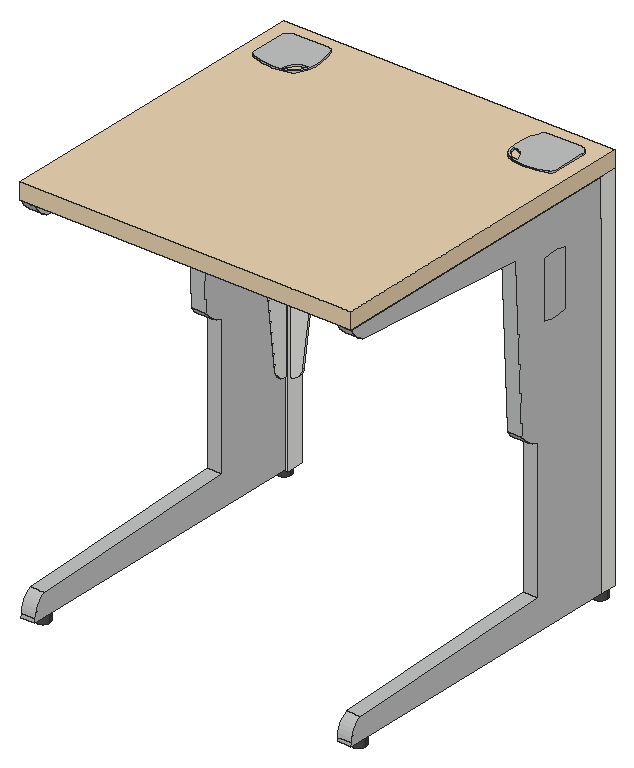
Revit family "Modular_Desks-Teknion-RDRR_Rectangular_Desk_Full_Gables-R2019", category Furniture, Revit 2019
Family settings
  OmniClass Number = 23.40.20.00
  OmniClass Title = General Furniture and Specialties
  Work Plane-Based = No
  Always vertical = Yes
  Cut with Voids When Loaded = No
  Shared = Yes
  Room Calculation Point = No
Parameters (values of type "Metal C-Leg, 24" Depth")
  Worksurface Finish [instance] = Foundation Laminate - Teknion - HX - Costal Elm (Cross Grain)
  Width [instance] = 24.000"
  Warranty = "http://www.teknion.com/ca/papers/legal-canada"
  Unit Weight URL = "http://www.teknion.com/ca/tools/assets#&asset=bee6a381-b954-425e-8283-5a2de3a804f2,f828d448-4b62-4231-9e5f-9a8991c0ed77"
  URL = "www.teknion.com"
  To render please download texture images found here [instance] = "https://assets.teknion.com/web/5e81352c1dfdb467/revit-material-swatches/"
  Sustainability Data = "https://www.teknion.com/ca/tools/assets#&topic=216f99a5-57a0-44fc-b10a-9dee9b29ae4c&asset=444deb64-fe58-4b68-981e-f75e97781df7,b4ff2d81-9f2e-437d-9659-7cffb09c31cf"
  Series = "Expansion Desking"  # constant formula
  Product Page URL = "https://www.teknion.com/ca/products/product-details?productLineId=2b4e336e-8e7a-673b-a6c8-ff00004460c4"
  Product Line = "Expansion Desking"  # constant formula
  Product Documentation Link = "https://www.teknion.com/pricing/expansion-desking/pdfs/RDRR_ppg.pdf"
  Part Number = "RDRR"  # constant formula
  Model = "RDRRC24__"
  Metal/Laminate Gable 2D = no
  Metal Gable = no
  Metal C Leg Cut Depth = 96.000"
  Metal C Leg = yes
  Manufacturer Phone = "416-661-3370"  # constant formula
  Manufacturer Fax = "416.661.4586"  # constant formula
  Manufacturer Contact Information = "http://www.teknion.com/ca/contactus"
  Manufacturer Address = "1150 Flint Road, Toronto, ON. M3J 2J5. Canada"  # constant formula
  Manufacturer = "Teknion"  # constant formula
  Laminate = no
  How To Use Teknion Materials User Guide [instance] = "https://assets.teknion.com/m/205dd0a49fa58060/original/How-to-add-a-Material-Library-and-Texture-Images-to-your-Revit-project.pdf"
  Gable and Grommet Finish = Paint - Teknion - Mica - Platinum
  Gabel and Grommet Finish Note = if(or(Metal C Leg, Metal Gable), "Please choose a Foundation or MIca Paint Finish", "Please choose a Source Laminate Finish.")  # "Please choose a Foundation or MIca Paint Finish"
  For Additional Finishes please visit [instance] = "https://assets.teknion.com/m/44a8009b046e5d47/original/Teknion_Materials_Library.zip"
  Description = "Rectangular Desk – Full Gables, Metal C-Leg Style, 24\" Depth"
  Depth = 24.000"
  Back Leg Offset = 1.459"
  Available Widths [instance] = "24, 30, 36, 42, 48, 54, 60, 66, 72, 78, or 84 inches."  # constant formula
  Assembly Code = "E2020200"
Types (11): name | Model | Metal/Laminate Gable 2D | Metal Gable | Metal C Leg Cut Depth | Metal C Leg | Laminate | Gable and Grommet Finish | Gabel and Grommet Finish Note | Description | Depth | Back Leg Offset
  (no name) | "RDRRC24__" | no | no | 96.000" | yes | no | Paint - Teknion - Mica - Platinum | "Please choose a Foundation or MIca Paint Finish" | "Rectangular Desk – Full Gables, Metal C-Leg Style, 24\" Depth" | 24.000" | 1.459"
  Metal Gable Style, 24" Depth | "RDRRM24__" | yes | yes | 0.500" | no | no | Paint - Teknion - Mica - Platinum | "Please choose a Foundation or MIca Paint Finish" | "Rectangular Desk – Full Gables, Metal Gable Style, 24\" Depth" | 24.000" | 1.45863"
  Metal Gable Style, 20" Depth | "RDRRM20__" | yes | yes | 0.500" | no | no | Paint - Teknion - Mica - Platinum | "Please choose a Foundation or MIca Paint Finish" | "Rectangular Desk – Full Gables, Metal Gable Style, 20\" Depth" | 20.000" | 1.45863"
  Metal Gable Style, 30" Depth | "RDRRM30__" | yes | yes | 0.500" | no | no | Paint - Teknion - Mica - Platinum | "Please choose a Foundation or MIca Paint Finish" | "Rectangular Desk – Full Gables, Metal Gable Style, 30\" Depth" | 30.000" | 1.45863"
  Metal Gable Style, 36" Depth | "RDRRM36__" | yes | yes | 0.500" | no | no | Paint - Teknion - Mica - Platinum | "Please choose a Foundation or MIca Paint Finish" | "Rectangular Desk – Full Gables, Metal Gable Style, 36\" Depth" | 36.000" | 1.45863"
  Metal C-Leg, 24" Depth | "RDRRC24__" | no | no | 96.000" | yes | no | Paint - Teknion - Mica - Platinum | "Please choose a Foundation or MIca Paint Finish" | "Rectangular Desk – Full Gables, Metal C-Leg Style, 24\" Depth" | 24.000" | 1.459"
  Metal C-Leg, 30" Depth | "RDRRC30__" | no | no | 96.000" | yes | no | Paint - Teknion - Mica - Platinum | "Please choose a Foundation or MIca Paint Finish" | "Rectangular Desk – Full Gables, Metal C-Leg Style, 30\" Depth" | 30.000" | 7.553"
  Laminate Gable Style, 20" Depth | "RDRRL20__" | yes | no | 0.500" | no | yes | Laminate - Teknion - 2L - Coastal Elm | "Please choose a Source Laminate Finish." | "Rectangular Desk – Full Gables, Laminate Gable Style, 20\" Depth" | 20.000" | 1.45863"
  Laminate Gable Style, 24" Depth | "RDRRL24__" | yes | no | 0.500" | no | yes | Laminate - Teknion - 2L - Coastal Elm | "Please choose a Source Laminate Finish." | "Rectangular Desk – Full Gables, Laminate Gable Style, 24\" Depth" | 24.000" | 1.45863"
  Laminate Gable Style, 30" Depth | "RDRRL30__" | yes | no | 0.500" | no | yes | Laminate - Teknion - 2L - Coastal Elm | "Please choose a Source Laminate Finish." | "Rectangular Desk – Full Gables, Laminate Gable Style, 30\" Depth" | 30.000" | 1.45863"
  Laminate Gable Style, 36" Depth | "RDRRL36__" | yes | no | 0.500" | no | yes | Laminate - Teknion - 2L - Coastal Elm | "Please choose a Source Laminate Finish." | "Rectangular Desk – Full Gables, Laminate Gable Style, 36\" Depth" | 36.000" | 1.45863"
Reference planes (in)
  plane 1 "Center Front/Back": y = -0.5097
  plane 2: z = 0
  plane 3 "Center Left/Right": x = 0.21327
  plane 4 "Left": x = -11.78673
  plane 5 "Right": x = 12.21327
  plane 6 "Back": y = 11.4903
  plane 7 "Front": y = -12.5097
  plane 8 "Top": z = 29
  plane 9: x = -10.77098
  plane 10: y = 10.33676
  plane 11: x = 11.19752
  plane 12: x = -14.08774
Forms (in)
  Sweep 1, solid, material "Paint - Teknion - Mica - Platinum" <- "Gable and Grommet Finish"
    path origin (0, 0, 0) x (1, 0, 0) y (0, 1, 0)
      loop
        line (-11.78673, -0.5097) -> (-10.77098, -0.5097)
    profile origin (-11.27885, -0.5097, 0) x (0, 1, 0) y (0, 0, 1)
      loop
        line (-12, 0.60236) -> (10.75, 0.60236) -> (10.75, 27.69291) -> (-12, 27.69291) -> (-12, 0.60236)
  Sweep 2, solid, material "Paint - Teknion - Mica - Platinum" <- "Gable and Grommet Finish"
    path origin (22.98425, 0, 0) x (1, 0, 0) y (0, 1, 0)
      loop
        line (-11.78673, -0.5097) -> (-10.77098, -0.5097)
    profile origin (11.7054, -0.5097, 0) x (0, 1, 0) y (0, 0, 1)
      loop
        line (-12, 0.60236) -> (10.75, 0.60236) -> (10.75, 27.69291) -> (-12, 27.69291) -> (-12, 0.60236)
  Sweep 3, solid, material "Paint-Teknion-20-T-Foundation-Atrium White"
    path origin (0.21327, 0, 0) x (0, 1, 0) y (0, 0, 1)
      loop
        line (11.1153, 0.60236) -> (11.1153, 27.81102)
    profile origin (0.21327, 11.1153, 14.20669) x (0, -1, 0) y (1, 0, 0)
      loop
        line (0.875, -10.75) -> (-0.375, -10.75) -> (-0.375, -12) -> (0.875, -12) -> (0.875, -10.75)
  Sweep 4, solid, material "Paint-Teknion-20-T-Foundation-Atrium White"
    path origin (22.96327, 0, 0) x (0, 1, 0) y (0, 0, 1)
      loop
        line (11.1153, 0.60236) -> (11.1153, 27.81102)
    profile origin (22.96327, 11.1153, 14.20669) x (0, -1, 0) y (1, 0, 0)
      loop
        line (0.875, -10.75) -> (-0.375, -10.75) -> (-0.375, -12) -> (0.875, -12) -> (0.875, -10.75)
  Sweep 5, solid, material "Paint-Teknion-20-T-Foundation-Atrium White"
    path origin (0, 0, 0) x (1, 0, 0) y (0, 1, 0)
      loop
        line (-10.77098, 7.72172) -> (-10.69224, 7.72172)
    profile origin (-10.73161, 7.72172, 0) x (0, 1, 0) y (0, 0, 1)
      loop
        line (-0.53402, 24.62205) -> (1.5258, 7.57297)
        arc (1.5258, 7.57297) -> (1.85523, 6.9446) -> (2.51858, 6.69291) r 1
        line (2.51858, 6.69291) -> (2.51858, 27.81102) -> (-2.16788, 27.81102) -> (-2.16788, 26.93602) -> (-0.53402, 24.62205)
  Sweep 6, solid, material "Paint-Teknion-20-T-Foundation-Atrium White"
    path origin (0, 0, 0) x (1, 0, 0) y (0, 1, 0)
      loop
        line (-8.02098, 10.39581) -> (-8.02098, 10.47455)
    profile origin (-8.02098, 10.43518, 0) x (-1, 0, 0) y (0, 0, 1)
      loop
        line (2.51575, 27.81102) -> (-2.17071, 27.81102) -> (-2.17071, 26.93602) -> (-0.53685, 24.62205) -> (1.52297, 7.57297)
        arc (1.52297, 7.57297) -> (1.8524, 6.9446) -> (2.51575, 6.69291) r 1
        line (2.51575, 6.69291) -> (2.51575, 27.81102)
      loop
        line (-18.98425, 27.81102) -> (-18.98425, 6.69291)
        arc (-18.98425, 6.69291) -> (-18.32091, 6.9446) -> (-17.99147, 7.57297) r 1
        line (-17.99147, 7.57297) -> (-15.93166, 24.62205) -> (-14.2978, 26.93602) -> (-14.2978, 27.81102) -> (-18.98425, 27.81102)
  Sweep 7, solid, material "Paint-Teknion-20-T-Foundation-Atrium White"
    path origin (21.88976, 0, 0) x (1, 0, 0) y (0, 1, 0)
      loop
        line (-10.77098, 7.72172) -> (-10.69224, 7.72172)
    profile origin (11.15815, 7.72172, 0) x (0, 1, 0) y (0, 0, 1)
      loop
        line (-0.53402, 24.62205) -> (1.5258, 7.57297)
        arc (1.5258, 7.57297) -> (1.85523, 6.9446) -> (2.51858, 6.69291) r 1
        line (2.51858, 6.69291) -> (2.51858, 27.81102) -> (-2.16788, 27.81102) -> (-2.16788, 26.93602) -> (-0.53402, 24.62205)
  Sweep 8, solid, material "Paint-Teknion-20-T-Foundation-Atrium White"
    path origin (0, -0.5097, 0) x (1, 0, 0) y (0, 0, 1)
      loop
        line (0.21327, 24.81102) -> (0.21327, 27.81102)
    profile origin (0.21327, -0.5097, 26.31102) x (-1, 0, 0) y (0, -1, 0)
      loop
        line (10.75, -10.90551) -> (10.75, -10.84646) -> (-10.75, -10.84646) -> (-10.75, -10.90551) -> (10.75, -10.90551)
  Sweep 9, solid, material "Foundation Laminate - Teknion - HX - Costal Elm (Cross Grain)" <- "Worksurface Finish"
    path origin (0, -0.5097, 0) x (1, 0, 0) y (0, 0, 1)
      loop
        line (0.21327, 29) -> (0.21327, 27.81102)
    profile origin (0.21327, -0.5097, 28.40551) x (0, -1, 0) y (1, 0, 0)
      loop
        line (12, -12) -> (12, 12) -> (-12, 12) -> (-12, -12) -> (12, -12)
  Sweep 10, solid, material "Paint - Teknion - Mica - Platinum" <- "Gable and Grommet Finish"
    path origin (0, -0.5097, 0) x (1, 0, 0) y (0, 0, 1)
      loop
        line (-8.88501, 29.07874) -> (-8.88501, 29)
    profile origin (-8.88501, -0.5097, 29.03937) x (0, -1, 0) y (1, 0, 0)
      loop
        line (-10.33858, -1.90172) -> (-8.02362, -1.90172)
        arc (-8.02362, -1.90172) -> (-7.78315, -1.83276) -> (-7.61576, -1.64686) r 0.45379
        arc (-7.61576, -1.64686) -> (-7.3142, -0.45341) -> (-7.38038, 0.77577) r 4.1011
        arc (-7.38038, 0.77577) -> (-7.71425, 1.3932) -> (-8.33273, 1.72512) r 1.22214
        arc (-8.33273, 1.72512) -> (-9.55102, 1.80085) -> (-10.73109, 1.48874) r 3.82328
        arc (-10.73109, 1.48874) -> (-10.92687, 1.32153) -> (-11, 1.07466) r 0.45327
        line (-11, 1.07466) -> (-11, -1.2403)
        arc (-11, -1.2403) -> (-10.80628, -1.70799) -> (-10.33858, -1.90172) r 0.66142
      loop
        arc (-8.5137, 1.5868) -> (-8.22016, 0.87814) -> (-7.5115, 0.5846) r 1.00219
        arc (-7.5115, 0.5846) -> (-7.80504, 1.29326) -> (-8.5137, 1.5868) r 1.00219
      loop
        arc (-10.33858, 20.09828) -> (-10.80628, 19.90456) -> (-11, 19.43687) r 0.66142
        line (-11, 19.43687) -> (-11, 17.12191)
        arc (-11, 17.12191) -> (-10.92687, 16.87504) -> (-10.73109, 16.70783) r 0.45327
        arc (-10.73109, 16.70783) -> (-9.55102, 16.39572) -> (-8.33273, 16.47145) r 3.82328
        arc (-8.33273, 16.47145) -> (-7.71425, 16.80337) -> (-7.38038, 17.4208) r 1.22214
        arc (-7.38038, 17.4208) -> (-7.3142, 18.64997) -> (-7.61576, 19.84342) r 4.1011
        arc (-7.61576, 19.84342) -> (-7.78315, 20.02933) -> (-8.02362, 20.09828) r 0.45379
        line (-8.02362, 20.09828) -> (-10.33858, 20.09828)
      loop
        arc (-8.5137, 16.60977) -> (-7.80504, 16.90331) -> (-7.5115, 17.61196) r 1.00219
        arc (-7.5115, 17.61196) -> (-8.22016, 17.31843) -> (-8.5137, 16.60977) r 1.00219
  Sweep 11, solid, material "Paint - Teknion - Mica - Platinum" <- "Gable and Grommet Finish"
    path origin (0, 0, 0) x (1, 0, 0) y (0, 1, 0)
      loop
        line (12.21327, 5.98896) -> (12.27233, 5.98896)
    profile origin (12.2428, 5.98896, 0) x (0, 1, 0) y (0, 0, 1)
      loop
        line (-0.89039, 24.69685) -> (-0.89039, 20.68898)
        arc (-0.89039, 20.68898) -> (0.00134, 20.55131) -> (0.89307, 20.68898) r 2.95691
        line (0.89307, 20.68898) -> (0.89307, 24.69685)
        arc (0.89307, 24.69685) -> (0.00134, 24.83452) -> (-0.89039, 24.69685) r 2.95691
  Sweep 12, solid, material "Paint - Teknion - Mica - Platinum" <- "Gable and Grommet Finish"
    path origin (0.42654, 0, 0) x (-1, 0, 0) y (0, 1, 0)
      loop
        line (12.21327, 5.98896) -> (12.27233, 5.98896)
    profile origin (-11.81626, 5.98896, 0) x (0, -1, 0) y (0, 0, 1)
      loop
        arc (0.89039, 24.69685) -> (-0.00134, 24.83452) -> (-0.89307, 24.69685) r 2.95691
        line (-0.89307, 24.69685) -> (-0.89307, 20.68898)
        arc (-0.89307, 20.68898) -> (-0.00134, 20.55131) -> (0.89039, 20.68898) r 2.95691
        line (0.89039, 20.68898) -> (0.89039, 24.69685)
  Sweep 13, solid, material "Plastic - Teknion - E - Ebony"
    path origin (0, -0.5097, 0) x (1, 0, 0) y (0, 0, 1)
      loop
        line (0.21327, 0) -> (0.21327, 0.60236)
    profile origin (0.21327, -0.5097, 0.30118) x (-1, 0, 0) y (0, -1, 0)
      loop
        circle (11.49296, 10.541) r 0.50159
      loop
        circle (11.49296, -11.3738) r 0.50159
      loop
        circle (-11.4915, 10.541) r 0.50159
      loop
        circle (-11.4915, -11.3738) r 0.50159
  Sweep 14, void
    path origin (-0.05101, 0, 0) x (1, 0, 0) y (0, 1, 0)
      loop
        line (-14.03673, -0.5097) -> (81.96327, -0.5097)
    profile origin (33.91226, -0.5097, 0) x (0, 1, 0) y (0, 0, 1)
      loop
        line (-11.03268, 2.19685) -> (5.05, 2.86614) -> (5.05, 12.96063)
        arc (5.05, 12.96063) -> (4.19566, 13.30411) -> (3.55, 13.96063) r 2.25371
        line (3.55, 13.96063) -> (3.05809, 25.69727) -> (-10.83189, 26.69291)
        arc (-10.83189, 26.69291) -> (-11.41323, 27.11157) -> (-11.83189, 27.69291) r 2.23081
        line (-11.83189, 27.69291) -> (-21.95, 27.69291) -> (-21.95, 0.60236) -> (-11.91072, 0.60236) -> (-11.90623, 0.85433)
        arc (-11.90623, 0.85433) -> (-11.66213, 1.65096) -> (-11.03268, 2.19685) r 1.51
Cuts and joins
  Sweep 14 cuts Sweep 2
  Sweep 14 cuts Sweep 1
Lines and regions (in)
  Masking region 1
    outline origin (0, 0, 0) x (1, 0, 0) y (0, 1, 0)
      loop
        line (-11.78673, 11.4903) -> (-11.78673, -12.5097) -> (12.21327, -12.5097) -> (12.21327, 11.4903) -> (-11.78673, 11.4903)
  Masking region 2
    outline origin (0, 0, 0) x (1, 0, 0) y (0, 1, 0)
      loop
        line (-11.84578, 6.88203) -> (-11.84578, 5.09857) -> (-11.78673, 5.09857) -> (-11.78673, 6.88203) -> (-11.84578, 6.88203)
      loop
        line (12.27233, 5.09857) -> (12.27233, 6.88203) -> (12.21327, 6.88203) -> (12.21327, 5.09857) -> (12.27233, 5.09857)
  symbolic lines
    curve 1: line (-10.78673, 9.82888, 0) -> (-10.78673, 7.51392, 0)
    curve 2: line (-7.81035, 10.4903, 0) -> (-10.12531, 10.4903, 0)
    curve 3: arc (-10.53187, 7.10606, 0) -> (-9.33842, 6.8045, 0) -> (-8.10924, 6.87068, 0) r 4.1011
    curve 4: arc (-8.10924, 6.87068, 0) -> (-7.49181, 7.20455, 0) -> (-7.15989, 7.82303, 0) r 1.22214
    curve 5: arc (-7.15989, 7.82303, 0) -> (-7.08417, 9.04132, 0) -> (-7.39627, 10.2214, 0) r 3.82328
    curve 6: arc (-7.39627, 10.2214, 0) -> (-7.56348, 10.41718, 0) -> (-7.81035, 10.4903, 0) r 0.45327
    curve 7: arc (-10.78673, 7.51392, 0) -> (-10.71777, 7.27345, 0) -> (-10.53187, 7.10606, 0) r 0.45379
    curve 8: arc (-10.12531, 10.4903, 0) -> (-10.593, 10.29658, 0) -> (-10.78673, 9.82888, 0) r 0.66142
    curve 9: line (10.55186, 10.4903, 0) -> (8.23689, 10.4903, 0)
    curve 10: line (11.21327, 7.51392, 0) -> (11.21327, 9.82888, 0)
    curve 11: arc (10.95841, 7.10606, 0) -> (11.14432, 7.27345, 0) -> (11.21327, 7.51392, 0) r 0.45379
    curve 12: arc (8.53579, 6.87068, 0) -> (9.76496, 6.8045, 0) -> (10.95841, 7.10606, 0) r 4.1011
    curve 13: arc (7.58644, 7.82303, 0) -> (7.91836, 7.20455, 0) -> (8.53579, 6.87068, 0) r 1.22214
    curve 14: arc (7.82282, 10.2214, 0) -> (7.51071, 9.04132, 0) -> (7.58644, 7.82303, 0) r 3.82328
    curve 15: arc (8.23689, 10.4903, 0) -> (7.99003, 10.41718, 0) -> (7.82282, 10.2214, 0) r 0.45327
    curve 16: arc (11.21327, 9.82888, 0) -> (11.01955, 10.29658, 0) -> (10.55186, 10.4903, 0) r 0.66142
    curve 17: arc (-8.30041, 7.0018, 0) -> (-8.00687, 7.71046, 0) -> (-7.29821, 8.004, 0) r 1.00219
    curve 18: arc (-7.29821, 8.004, 0) -> (-7.59175, 7.29534, 0) -> (-8.30041, 7.0018, 0) r 1.00219
    curve 19: arc (7.72476, 8.004, 0) -> (8.43342, 7.71046, 0) -> (8.72695, 7.0018, 0) r 1.00219
    curve 20: arc (8.72695, 7.0018, 0) -> (8.01829, 7.29534, 0) -> (7.72476, 8.004, 0) r 1.00219
  symbolic lines, style "FurnitureHiddenLines", detail levels fine
    curve 21: arc (-11.78128, 10.86411, 0) -> (-11.27969, 11.3657, 0) -> (-10.7781, 10.86411, 0) r 0.50159
    curve 22: arc (-10.7781, 10.86411, 0) -> (-11.27969, 10.36251, 0) -> (-11.78128, 10.86411, 0) r 0.50159
    curve 23: arc (11.20318, 10.86411, 0) -> (11.70477, 11.3657, 0) -> (12.20636, 10.86411, 0) r 0.50159
    curve 24: arc (12.20636, 10.86411, 0) -> (11.70477, 10.36251, 0) -> (11.20318, 10.86411, 0) r 0.50159
    curve 25: arc (11.20318, -11.0507, 0) -> (11.70477, -10.54911, 0) -> (12.20636, -11.0507, 0) r 0.50159
    curve 26: arc (12.20636, -11.0507, 0) -> (11.70477, -11.55229, 0) -> (11.20318, -11.0507, 0) r 0.50159
    curve 27: arc (-11.78128, -11.0507, 0) -> (-11.27969, -10.54911, 0) -> (-10.7781, -11.0507, 0) r 0.50159
    curve 28: arc (-10.7781, -11.0507, 0) -> (-11.27969, -11.55229, 0) -> (-11.78128, -11.0507, 0) r 0.50159
    curve 41: line (-10.69224, 5.55385, 0) -> (-10.69224, 10.2403, 0)
    curve 42: line (-10.77098, 5.55385, 0) -> (-10.69224, 5.55385, 0)
    curve 43: line (-10.53673, 10.47455, 0) -> (-5.85027, 10.47455, 0)
    curve 44: line (-5.85027, 10.39581, 0) -> (-5.85027, 10.47455, 0)
    curve 45: line (6.27682, 10.47455, 0) -> (10.96327, 10.47455, 0)
    curve 46: line (6.27682, 10.47455, 0) -> (6.27682, 10.39581, 0)
    curve 47: line (11.11878, 5.55385, 0) -> (11.19752, 5.55385, 0)
    curve 48: line (11.11878, 5.55385, 0) -> (11.11878, 10.2403, 0)
  symbolic lines, style "FurnitureHiddenLines", detail levels medium+fine
    curve 29: line (-10.53673, 10.2403, 0) -> (-10.53673, 11.4903, 0)
    curve 30: line (-11.78673, 10.2403, 0) -> (-10.53673, 10.2403, 0)
    curve 31: line (10.96327, 10.39581, 0) -> (-10.53673, 10.39581, 0)
    curve 32: line (10.96327, 10.2403, 0) -> (12.21327, 10.2403, 0)
    curve 33: line (10.96327, 11.4903, 0) -> (10.96327, 10.2403, 0)
    curve 49: line (-10.53673, 10.33676, 0) -> (10.96327, 10.33676, 0)
  symbolic lines, style "FurnitureHiddenLines", visible <- "Metal C Leg", detail levels medium+fine
    curve 34: line (-10.77098, -12.42042, 0) -> (-10.77098, 10.2403, 0)
    curve 35: line (11.19752, -11.32605, 0) -> (11.19752, 10.2403, 0)
    curve 36: line (11.19752, -12.42042, 0) -> (11.19752, 10.2403, 0)
    curve 37: line (-11.78673, -12.42042, 0) -> (-10.77098, -12.42042, 0)
    curve 38: line (11.19752, -12.42042, 0) -> (12.21327, -12.42042, 0)
  symbolic lines, style "FurnitureHiddenLines", visible <- "Metal/Laminate Gable 2D", detail levels medium+fine
    curve 39: line (-10.77098, -12.5097, 0) -> (-10.77098, 10.2403, 0)
    curve 40: line (11.19752, -12.5097, 0) -> (11.19752, 10.2403, 0)
  reference lines
    curve 50: line (-11.78673, 11.4903, 0) -> (-11.78673, -12.5097, 0)
    curve 51: line (12.21327, -12.5097, 0) -> (12.21327, 11.4903, 0)
Dimensions and locks (in)
  "Width": plane 4 "Left" to plane 5 "Right"
  "Depth": plane 6 "Back" to plane 7 "Front"
  plane 8 "Top" to level = 29.000"
  equal spacing: plane 7 "Front", plane 1 "Center Front/Back", plane 6 "Back"
  equal spacing: plane 4 "Left", plane 3 "Center Left/Right", plane 5 "Right"
  locked: plane 4 "Left" to plane 9 at 1.01575
  locked: plane 6 "Back" to plane 10 at 1.15354
  locked: plane 11 to plane 5 "Right" at 1.01575
  locked: Sweep 2 sketch curve to plane 10 at 0.09646
  locked: Sweep 2 sketch curve to level at 0.60236
  locked: plane 8 "Top" to Sweep 2 sketch curve at 1.30709
  locked: plane 8 "Top" to Sweep 1 sketch curve at 1.30709
  locked: Sweep 1 sketch curve to level at 0.60236
  locked: plane 10 to Sweep 1 sketch curve at 0.09646
  locked: plane 8 "Top" to Sweep 3 sketch curve at 1.18898
  locked: Sweep 3 sketch curve to level at 0.60236
  locked: plane 6 "Back" to Sweep 3 sketch curve at 0.375
  locked: plane 6 "Back" to Sweep 3 sketch curve at 1.25
  locked: plane 4 "Left" to Sweep 3 sketch curve at 1.25
  locked: Sweep 4 sketch curve to plane 5 "Right" at 1.25
  locked: plane 10 to Sweep 4 sketch curve at 0.09646
  plane 8 "Top" to Sweep 5 sketch curve to Sweep 5 sketch curve to Sweep 5 sketch curve to Sweep 5 sketch curve = 1.18898" locked, 0.875" locked, 2.31398" locked, 16.92913" locked
  plane 10 to Sweep 5 sketch curve to Sweep 5 sketch curve to Sweep 5 sketch curve = 0.09646" locked, 3.0526" locked, 1.63386" locked
  locked: plane 9 to Sweep 5 sketch curve at 0.07874
  Sweep 6 sketch curve to Sweep 6 sketch curve to plane 10 = 0.07874" locked, 0.05906" locked
  Sweep 6 sketch curve to Sweep 6 sketch curve to Sweep 6 sketch curve to Sweep 6 sketch curve to plane 9 = 1.63386" locked, 3.0526" locked, 0.000" locked, 0.23425" locked
  plane 8 "Top" to Sweep 6 sketch curve to Sweep 6 sketch curve to Sweep 6 sketch curve to Sweep 6 sketch curve = 1.18898" locked, 0.875" locked, 2.31398" locked, 16.92913" locked  (x2)
  Sweep 6 sketch curve to Sweep 6 sketch curve to Sweep 6 sketch curve to Sweep 6 sketch curve to plane 11 = 1.63386" locked, 3.0526" locked, 0.000" locked, 0.23425" locked
  plane 8 "Top" to Sweep 7 sketch curve to Sweep 7 sketch curve to Sweep 7 sketch curve to Sweep 7 sketch curve = 1.18898" locked, 0.875" locked, 2.31398" locked, 16.92913" locked
  plane 10 to Sweep 7 sketch curve to Sweep 7 sketch curve to Sweep 7 sketch curve = 0.09646" locked, 3.0526" locked, 1.63386" locked
  locked: Sweep 7 sketch curve to plane 11 at 0.07874
  locked: Sweep 8 sketch curve to plane 10 at 0.05906
  locked: plane 9 to Sweep 8 sketch curve at 0.23425
  locked: Sweep 8 sketch curve to plane 11 at 0.23425
  plane 8 "Top" to Sweep 8 sketch curve to Sweep 8 sketch curve = 1.18898" locked, 3.000" locked
  locked: plane 8 "Top" to Sweep 9 sketch curve at 1.18898
  locked: Sweep 10 sketch curve to plane 8 "Top" at 0.07874
  plane 6 "Back" to Sweep 10 sketch curve to Sweep 10 sketch curve to Sweep 10 sketch curve to Sweep 10 sketch curve to Sweep 10 sketch curve to Sweep 10 sketch curve to Sweep 10 sketch curve to Sweep 10 sketch curve to Sweep 10 sketch curve = 0.60393" locked, 0.39607" locked, 0.45327" locked, 0.20815" locked, 1.16256" locked, 0.59896" locked, 0.06337" locked, 0.49007" locked, 0.51212" locked  (x2)
  plane 4 "Left" to Sweep 10 sketch curve to Sweep 10 sketch curve to Sweep 10 sketch curve to Sweep 10 sketch curve to Sweep 10 sketch curve to Sweep 10 sketch curve to Sweep 10 sketch curve to Sweep 10 sketch curve to Sweep 10 sketch curve = 0.89771" locked, 0.10229" locked, 0.45379" locked, 0.20763" locked, 1.18348" locked, 0.58448" locked, 0.05695" locked, 0.49006" locked, 0.51214" locked
  plane 5 "Right" to Sweep 10 sketch curve to Sweep 10 sketch curve to Sweep 10 sketch curve to Sweep 10 sketch curve to Sweep 10 sketch curve to Sweep 10 sketch curve to Sweep 10 sketch curve to Sweep 10 sketch curve to Sweep 10 sketch curve = 0.89771" locked, 0.10229" locked, 0.45379" locked, 0.20763" locked, 1.18348" locked, 0.58448" locked, 0.05695" locked, 0.49006" locked, 0.51214" locked
  locked: plane 5 "Right" to Sweep 11 sketch curve at 0.05906
  plane 8 "Top" to Sweep 11 sketch curve to Sweep 11 sketch curve = 5.49178" locked, 1.63061" locked
  plane 6 "Back" to Sweep 11 sketch curve to Sweep 11 sketch curve = 4.60827" locked, 1.78346" locked
  plane 8 "Top" to Sweep 12 sketch curve to Sweep 12 sketch curve = 5.49178" locked, 1.63061" locked
  Sweep 12 sketch curve to Sweep 12 sketch curve to plane 6 "Back" = 1.78346" locked, 4.60827" locked
  locked: Sweep 12 sketch curve to plane 4 "Left" at 0.05906
  locked: Sweep 13 sketch curve to level at 0.60236
  locked: plane 6 "Back" to Sweep 13 sketch curve at 0.6262  (x2)
  locked: Sweep 13 sketch curve to plane 5 "Right" at 0.5085  (x2)
  "Back Leg Offset": plane 7 "Front" to Sweep 13 sketch curve  (x2)
  locked: plane 4 "Left" to Sweep 13 sketch curve at 0.50704  (x2)
  locked: plane 12 to plane 4 "Left" at 2.30101
  "Metal C Leg Cut Depth": plane 12 to Sweep 14 sketch curve
  Sweep 14 sketch curve to Sweep 14 sketch curve to Sweep 14 sketch curve to Sweep 14 sketch curve to Sweep 14 sketch curve to Sweep 14 sketch curve to Sweep 14 sketch curve to Sweep 14 sketch curve to Sweep 14 sketch curve to level = 0.99608" locked, 1.000" locked, 0.99565" locked, 10.51795" locked, 2.21869" locked, 10.09449" locked, 2.03872" locked, 0.22506" locked, 0.60236" locked
  Sweep 14 sketch curve to Sweep 14 sketch curve to Sweep 14 sketch curve to Sweep 14 sketch curve to Sweep 14 sketch curve to plane 6 "Back" = 0.56066" locked, 12.8939" locked, 1.99191" locked, 0.39579" locked, 6.55421" locked
  locked: plane 4 "Left" to curve 37 at 1.01575
  locked: plane 11 to curve 38 at 1.01575
  locked: curve 37 to plane 6 "Back" at 23.91072
  locked: curve 38 to plane 6 "Back" at 23.91072
  Sweep 4 sketch curve to Sweep 4 sketch curve to level = 27.20866" locked, 0.60236" locked
  aligned and locked: level to plane 2
  aligned and locked: Sweep 2 sketch curve to plane 7 "Front"
  aligned and locked: Sweep 1 sketch curve to plane 7 "Front"
  aligned and locked: Sweep 3 sketch curve to plane 4 "Left"
  aligned and locked: Sweep 3 sketch curve to plane 6 "Back"
  aligned and locked: plane 5 "Right" to Sweep 4 sketch curve
  aligned and locked: Sweep 4 sketch curve to plane 6 "Back"
  aligned and locked: plane 9 to Sweep 5 sketch curve
  aligned and locked: plane 11 to Sweep 7 sketch curve
  aligned and locked: plane 10 to Sweep 8 sketch curve
  aligned and locked: plane 8 "Top" to Sweep 9 sketch curve
  aligned and locked: plane 4 "Left" to Sweep 9 sketch curve
  aligned and locked: plane 6 "Back" to Sweep 9 sketch curve
  aligned and locked: Sweep 9 sketch curve to plane 5 "Right"
  aligned and locked: plane 7 "Front" to Sweep 9 sketch curve
  aligned and locked: plane 8 "Top" to Sweep 10 sketch curve
  aligned and locked: plane 5 "Right" to Sweep 11 sketch curve
  aligned and locked: plane 4 "Left" to Sweep 12 sketch curve
  aligned and locked: plane 11 to Sweep 2 sketch curve
  aligned and locked: plane 5 "Right" to Sweep 2 sketch curve
  aligned and locked: plane 9 to Sweep 1 sketch curve
  aligned and locked: plane 4 "Left" to Sweep 1 sketch curve
  aligned and locked: level to Sweep 13 sketch curve
  aligned and locked: plane 12 to Sweep 14 sketch curve
  aligned and locked: Masking region 1 sketch curve to plane 4 "Left"
  aligned and locked: Masking region 1 sketch curve to plane 6 "Back"
  aligned and locked: plane 5 "Right" to Masking region 1 sketch curve
  aligned and locked: plane 7 "Front" to Masking region 1 sketch curve
  aligned and locked: curve 3 to Sweep 10
  aligned and locked: curve 4 to Sweep 10
  aligned and locked: curve 5 to Sweep 10
  aligned and locked: curve 6 to Sweep 10
  aligned and locked: curve 7 to Sweep 10
  aligned and locked: curve 8 to Sweep 10
  aligned and locked: curve 11 to Sweep 10
  aligned and locked: curve 12 to Sweep 10
  aligned and locked: curve 13 to Sweep 10
  aligned and locked: curve 14 to Sweep 10
  aligned and locked: curve 15 to Sweep 10
  aligned and locked: curve 16 to Sweep 10
  aligned and locked: curve 17 to Sweep 10
  aligned and locked: curve 18 to Sweep 10
  aligned and locked: curve 19 to Sweep 10
  aligned and locked: curve 20 to Sweep 10
  aligned and locked: curve 21 to Sweep 13
  aligned and locked: curve 22 to Sweep 13
  aligned and locked: curve 23 to Sweep 13
  aligned and locked: curve 24 to Sweep 13
  aligned and locked: curve 25 to Sweep 13
  aligned and locked: curve 26 to Sweep 13
  aligned and locked: curve 27 to Sweep 13
  aligned and locked: curve 28 to Sweep 13
  aligned and locked: curve 29 to Sweep 3
  aligned and locked: curve 30 to Sweep 3
  aligned and locked: curve 31 to Sweep 8
  aligned and locked: curve 32 to Sweep 4
  aligned and locked: curve 33 to Sweep 4
  aligned and locked: cut or joined group of Sweep 2, Sweep 14 to curve 35
  aligned and locked: cut or joined group of Sweep 2, Sweep 14 to curve 36
  aligned and locked: plane 4 "Left" to curve 37
  aligned and locked: curve 39 to cut or joined group of Sweep 1, Sweep 14
  aligned and locked: curve 40 to cut or joined group of Sweep 2, Sweep 14
  aligned and locked: Masking region 2 sketch curve to Sweep 12  (x4)
  aligned and locked: Masking region 2 sketch curve to Sweep 11  (x4)
  aligned and locked: curve 41 to Sweep 5
  aligned and locked: curve 42 to Sweep 5
  aligned and locked: curve 43 to Sweep 6
  aligned and locked: curve 44 to Sweep 6
  aligned and locked: curve 45 to Sweep 6
  aligned and locked: curve 46 to Sweep 6
  aligned and locked: curve 47 to Sweep 7
  aligned and locked: curve 48 to Sweep 7
  aligned and locked: curve 49 to Sweep 8
  aligned and locked: curve 50 to plane 4 "Left"
  aligned and locked: curve 51 to Sweep 9
Automatic sketch dimensions
  Sweep 1 sketch curve to plane 1 "Center Front/Back" = 0.000"
  plane 1 "Center Front/Back" to Sweep 2 sketch curve = 0.000"
  Sweep 4 sketch curve to plane 6 "Back" = 0.375"
  Sweep 5 sketch curve to plane 10 = 2.61503"
  Sweep 5 sketch curve to Sweep 5 sketch curve = 0.99278"
  Sweep 5 sketch curve to Sweep 5 sketch curve = 0.11994"
  plane 9 to Sweep 6 sketch curve = 2.750"
  level to Sweep 6 sketch curve = 7.57297"
  Sweep 6 sketch curve to Sweep 6 sketch curve = 0.99278"  (x2)
  Sweep 6 sketch curve to Sweep 6 sketch curve = 1.000"
  Sweep 7 sketch curve to plane 10 = 2.61503"
  Sweep 7 sketch curve to Sweep 7 sketch curve = 0.99278"
  Sweep 7 sketch curve to Sweep 7 sketch curve = 0.11994"
  Sweep 8 sketch curve to plane 3 "Center Left/Right" = 0.000"
  Sweep 9 sketch curve to plane 3 "Center Left/Right" = 0.000"
  plane 9 to Sweep 10 sketch curve = 1.88597"
  Sweep 10 sketch curve to Sweep 10 sketch curve = 0.000"  (x2)
  Sweep 10 sketch curve to Sweep 10 sketch curve = 0.18097"  (x2)
  Sweep 10 sketch curve to Sweep 10 sketch curve = 0.40786"  (x2)
  Sweep 11 sketch curve to plane 10 = 4.3478"
  Sweep 11 sketch curve to profile plane = 0.00134"  (x2)
  Sweep 11 sketch curve to Sweep 11 sketch curve = 1.18863"  (x2)
  plane 10 to Sweep 12 sketch curve = 4.3478"
  profile plane to Sweep 12 sketch curve = 0.00134"  (x2)
  Sweep 12 sketch curve to Sweep 12 sketch curve = 1.18863"  (x2)
  plane 11 to Sweep 13 sketch curve = 10.98425"
  Sweep 14 sketch curve to Sweep 14 sketch curve = 0.99608"
  level to Sweep 14 sketch curve = 2.19685"
  Sweep 14 sketch curve to Sweep 14 sketch curve = 0.6362"
  level to Sweep 14 sketch curve = 0.85433"
  Sweep 14 sketch curve to Sweep 14 sketch curve = 0.00449"
  Sweep 14 sketch curve to Sweep 14 sketch curve = 10.11811"
  Sweep 14 sketch curve to Sweep 14 sketch curve = 1.500"
  curve 30 to plane 4 "Left" = 0.000"
  curve 32 to plane 5 "Right" = 0.000"
  curve 29 to plane 6 "Back" = 0.000"
  curve 33 to plane 6 "Back" = 0.000"
  curve 36 to curve 35 = 1.09437"
  plane 7 "Front" to curve 39 = 0.000"
  plane 7 "Front" to curve 40 = 0.000"
  Sweep 14 sketch curve to plane 1 "Center Front/Back" = 0.000"
  curve 51 to plane 5 "Right" = 0.000"
  plane 7 "Front" to curve 50 = 0.000"
  plane 7 "Front" to curve 51 = 0.000"
  curve 51 to plane 6 "Back" = 0.000"
  curve 50 to plane 6 "Back" = 0.000"
  radius of Sweep 13 sketch curve = 0.50159"  (x4)
